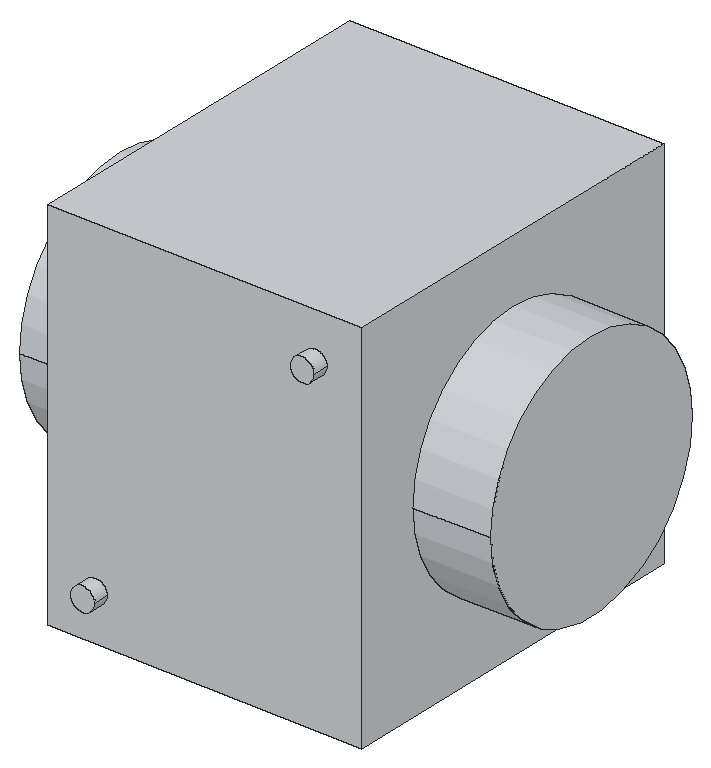
Revit family "Воздухонагреватель DRW", category Оборудование, Revit 2022
Family settings
  Размер круглого соединителя = Использовать диаметр
  Тип детали = Нормальный
  Номер OmniClass = 23.75.00.00
  Заголовок OmniClass = Climate Control (HVAC)
  На основе рабочей плоскости = Нет
  Всегда вертикально = Да
  При загрузке вырезать с полостями = Нет
  Сохранять ориентацию аннотаций = Нет
  Общий = Да
  Точка принадлежности помещению = Нет
Parameters (values of type "DRW 160/2")
  Default Elevation = 0 mm
  URL = ""
  Cost = 0
  ADSK_Тепловая мощность = 0 W
  ADSK_Система_Имя [instance] = ""
  ADSK_Расход воздуха = 0.0 m³/h
  ADSK_Размер_Ширина_Б = 240 mm
  ADSK_Размер_Диаметр_Д = 160 mm
  ADSK_Размер_Диаметр = 15 mm
  ADSK_Размер_Высота_А = 240 mm
  ADSK_Потеря давления воздуха = 0.0 Pa
  ADSK_Наименование краткое = "DRW 160/2"
  ADSK_Наименование [instance] = "Воздухонагреватель DRW 160/2"
  ADSK_Масса_Текст = "5.01"
  ADSK_Масса = 5.01
  ADSK_Марка = ""
  ADSK_Количество [instance] = 1  # constant formula
  ADSK_Код изделия = ""
  ADSK_Завод-изготовитель = "WAER"  # constant formula
  ADSK_Единица измерения = "шт."  # constant formula
  ADSK_URL страницы изделия = ""
  ADSK_URL документации изделия = ""
Types (4, lengths in mm): name | ADSK_Размер_Ширина_Б | ADSK_Размер_Диаметр_Д | ADSK_Размер_Диаметр | ADSK_Размер_Высота_А | ADSK_Наименование краткое | ADSK_Наименование | ADSK_Масса_Текст | ADSK_Масса
  DRW 160/2 | 240 | 160 | 15 | 240 | "DRW 160/2" | "Воздухонагреватель DRW 160/2" | "5.01" | 5.01
  DRW 200/2 | 340 | 200 | 15 | 340 | "DRW 200/2" | "Воздухонагреватель DRW 200/2" | "5.57" | 5.57
  DRW 250/2 | 340 | 250 | 20 | 340 | "DRW 250/2" | "Воздухонагреватель DRW 250/2" | "6.87" | 6.87
  DRW 315/2 | 660 | 315 | 20 | 410 | "DRW 315/2" | "Воздухонагреватель DRW 315/2" | "7.63" | 7.63
Reference planes
  plane 1 "Center (Front/Back)": y = 0
  plane 2: z = 0
  plane 3 "Center (Left/Right)": x = 0
  plane 4: x = 100
  plane 5: x = -100
  plane 6: x = 150
  plane 7: x = -150
  plane 8: z = 120
  plane 9: z = -120
  plane 10: y = 120
  plane 11: y = -120
  plane 12: y = -130
Forms (mm)
  Extrusion 1, solid
    sketch origin (0, 0, 0) x (0, 1, 0) y (0, 0, 1)
      loop
        circle (0, 0) r 80
    from 100 to 150
  Extrusion 2, solid
    sketch origin (0, 0, 0) x (0, 1, 0) y (0, 0, 1)
      loop
        circle (0, 0) r 80
    from -150 to -100
  Extrusion 3, solid
    sketch origin (0, 0, 0) x (0, 1, 0) y (0, 0, 1)
      loop
        line (-120, 120) -> (-120, -120) -> (120, -120) -> (120, 120) -> (-120, 120)
    from -100 to 100
  Extrusion 4, solid
    sketch origin (0, 0, 0) x (1, 0, 0) y (0, 0, 1)
      loop
        circle (-70, -90) r 7.5
      loop
        circle (70, 90) r 7.5
    from 120 to 130
Dimensions and locks
  equal spacing: Extrusion 1 sketch curve, plane 1 "Center (Front/Back)", Extrusion 1 sketch curve
  equal spacing: Extrusion 1 sketch curve, plane 2, Extrusion 1 sketch curve
  plane 7 to plane 5 to plane 4 to plane 6 = 50 mm locked, 200 mm locked, 50 mm locked
  equal spacing: Extrusion 2 sketch curve, plane 1 "Center (Front/Back)", Extrusion 2 sketch curve
  equal spacing: Extrusion 2 sketch curve, plane 2, Extrusion 2 sketch curve
  equal spacing: plane 11, plane 1 "Center (Front/Back)", plane 10
  equal spacing: plane 8, plane 2, plane 9
  "ADSK_Размер_Высота_А": plane 8 to plane 9
  "ADSK_Размер_Ширина_Б": plane 11 to plane 10
  locked: Extrusion 4 sketch curve to Extrusion 3 at 30
  locked: Extrusion 3 to Extrusion 4 sketch curve at 30  (x3)
  locked: plane 12 to plane 11 at 10
  "ADSK_Размер_Диаметр_Д": diameter of Extrusion 1 sketch curve
  "ADSK_Размер_Диаметр_Д": diameter of Extrusion 2 sketch curve
  "ADSK_Размер_Диаметр": diameter of Extrusion 4 sketch curve  (x2)
  aligned and locked: level to plane 2
  aligned and locked: Extrusion 1 to plane 4
  aligned and locked: plane 6 to Extrusion 1
  aligned and locked: Extrusion 2 to plane 7
  aligned and locked: plane 5 to Extrusion 2
  aligned and locked: Extrusion 3 sketch curve to plane 8
  aligned and locked: plane 11 to Extrusion 3 sketch curve
  aligned and locked: plane 9 to Extrusion 3 sketch curve
  aligned and locked: Extrusion 3 sketch curve to plane 10
  aligned and locked: Extrusion 3 to plane 5
  aligned and locked: Extrusion 3 to Extrusion 1
  aligned and locked: plane 11 to Extrusion 4
  aligned and locked: plane 12 to Extrusion 4
Connectors
  hvac at (150, 0, 0), driven by "ADSK_Размер_Диаметр_Д"
    settings: on Extrusion 1, index 1, duct flow 0.0 m³/h, flow factor 0, pres drop 0.0 Pa, loss coef 0, conn angle 0.00°, conn width 304.8 mm, conn height 304.8 mm, conn diameter 160 mm, duct sys type 29, conn prof type 0, flow config 0, flow direction 0, loss method 0, conn ref index 2, conn util no, is conn primary yes, conn desc ""
  hvac at (-150, 0, 0), driven by "ADSK_Размер_Диаметр_Д"
    settings: on Extrusion 2, index 2, duct flow 0.0 m³/h, flow factor 0, pres drop 0.0 Pa, loss coef 0, conn angle 0.00°, conn width 304.8 mm, conn height 304.8 mm, conn diameter 160 mm, duct sys type 29, conn prof type 0, flow config 0, flow direction 0, loss method 0, conn ref index 1, conn util no, is conn primary no, conn desc ""
  piping at (70, -130, 90), diameter 15, driven by "ADSK_Размер_Диаметр"
    settings: on Extrusion 4, index 3, connector inside diameter 609.6 mm, connector length 0 mm, flow factor 0, pipe flow 0.0 L/s, pressure drop 0.0 Pa, fitting loss kfactor 0, connector angle 0.00°, fixture units 0, engagement length 0 mm, angle of deflection 0.00°, flow configuration 0, flow direction 0, fitting loss method 0, system type 29, joint type 0, gender type 0, connector reference index -1, connector utility 0, adjustable connector no, is connector primary yes, connector description ""
  piping at (-70, -130, -90), diameter 15, driven by "ADSK_Размер_Диаметр"
    settings: on Extrusion 4, index 4, connector inside diameter 609.6 mm, connector length 0 mm, flow factor 0, pipe flow 0.0 L/s, pressure drop 0.0 Pa, fitting loss kfactor 0, connector angle 0.00°, fixture units 0, engagement length 0 mm, angle of deflection 0.00°, flow configuration 0, flow direction 0, fitting loss method 0, system type 29, joint type 0, gender type 0, connector reference index -1, connector utility 0, adjustable connector no, is connector primary no, connector description ""
